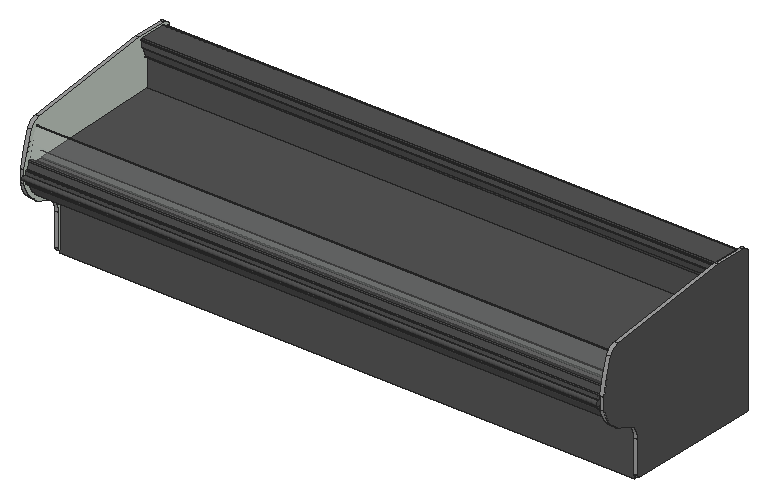
Revit family "E1_2014", category Specialty Equipment, Revit 2014
Parameters (values of type "12'-0" Length")
  Width = 144 1/2"
  Waste Drain Location = if(Width = 48 1/4", 24 1/8", if(Width = 72 3/8", 48 1/4", if(Width = 96 3/8", 72 1/4", if(Width = 144 1/2", 72 1/4", 0"))))  # 72 1/4"
  Waste Drain = 1 1/2"  # constant formula
  URL = "www.hussmann.com"
  Type Comments = "Elite"  # constant formula
  Trim = Stainless Steel
  Total Weight = Case Weight + (2 * End Weight)  # 1150.00 lbf
  Splashguard = Textured Sheet Metal (Steel Painted) - 701 Black
  Side Panel - Right [instance] = yes
  Side Panel - Left [instance] = yes
  Shelves = Sheet Metal (Steel Painted) - 701 Black
  Revit Family Date = "05/26/2016"  # constant formula
  Refrigeration Lines Suction = 7/8"  # constant formula
  Refrigeration Lines Liquid = 3/8"  # constant formula
  Refrig. Suction = "Suction"
  Refrig. Liquid = "Liquid"
  Number of Supports = if(Width < 50", 2, if(Width < 100", 3, 4))  # 4
  Note from Manufacturer = "This model only comes in 4'-0\", 6'-0\", 8'-0\", and 12'-0\" lengths."
  Model URL = "http://www.hussmann.com/en/product%20viewer/display-cases/E1,%20E1S"
  Model = "E1"  # constant formula
  Manufacturer Disclaimer = "The information in this file is not intended to be an exact representation of the corresponding Hussmann product.  Further, we reserve the right to change or revise specifications and product design in connection with any feature of our products. Such changes do not entitle the buyer to corresponding changes, improvements, additions, or replacements for equipment previously sold or shipped."  # constant formula
  Manufacturer = "Hussmann Corporation"  # constant formula
  Light [instance] = yes
  Height = 37 3/8"  # constant formula
  Glazing = Glass
  Ends = Textured Sheet Metal (Steel Painted) - 701 Black
  End Weight = 75.00 lbf  # constant formula
  Description = "Self-Serve, Single Deck with Curved Front Glass for Deli, Cheese, Salads"  # constant formula
  Depth = 46 1/8"  # constant formula
  Cutsheet URL = "http://www.hussmann.com/en/Technical%20Documents/0453530_E_E1.pdf"
  Case Weight = if(Width = 48 1/4", 400.00 lbf, if(Width = 72 3/8", 600.00 lbf, if(Width = 96 3/8", 800.00 lbf, if(Width = 144 1/2", 1000.00 lbf, 0.00 lbf))))  # 1000.00 lbf
  Case Interior - Side Panel = Mirror
  Case Interior - Back Panel = Sheet Metal (Steel Painted) - 701 Black
  Case = Textured Sheet Metal (Steel Painted) - 701 Black
  Bumper = Extruded PVC - 701 Black
  Assembly Code = ""
  Accessories/Options = ""
Types (4): name | Width | Waste Drain Location | Total Weight | Number of Supports | Case Weight
  12'-0" Length | 144 1/2" | 72 1/4" | 1150.00 lbf | 4 | 1000.00 lbf
  8'-0" Length | 96 3/8" | 72 1/4" | 950.00 lbf | 3 | 800.00 lbf
  6'-0" Length | 72 3/8" | 48 1/4" | 750.00 lbf | 3 | 600.00 lbf
  4'-0" Length | 48 1/4" | 24 1/8" | 550.00 lbf | 2 | 400.00 lbf
Reference planes (in)
  plane 1 "Back": y = 0
  plane 2 "Bottom": z = 0
  plane 3 "Top": z = 37.375
  plane 4 "Left": x = -77.30699
  plane 5 "Front": y = -46.125
  plane 6 "Center (Left/Right)": x = -5.05699
  plane 7: x = -78.30699
  plane 8 "Right": x = 67.19301
  plane 9: x = 68.19301
Forms (in)
  Extrusion 1, solid, material "Metal - Copper"
    sketch origin (63.0625, 1.04319, 0) x (1, 0, 0) y (0, 1, 0)
      loop
        arc (-68.11949, -27.41819) -> (-68.64982, -27.63786) -> (-68.86949, -28.16819) r 0.75
        arc (-68.86949, -28.16819) -> (-68.64982, -28.69852) -> (-68.11949, -28.91819) r 0.75
        arc (-68.11949, -28.91819) -> (-67.58916, -28.69852) -> (-67.36949, -28.16819) r 0.75
        arc (-67.36949, -28.16819) -> (-67.58916, -27.63786) -> (-68.11949, -27.41819) r 0.75
      loop
        circle (-68.11949, -28.16819) r 0.7102
    from 15.5525 to 0
  Extrusion 2, solid, material "Metal - Copper"
    sketch origin (57.40105, 5, -0.375) x (1, 0, 0) y (0, 1, 0)
      loop
        circle (0.97946, -35.25) r 0.41359
      loop
        circle (0.97946, -35.25) r 0.4375
    from 15.9275 to 0.375
  Extrusion 3, solid, material "Metal - Copper"
    sketch origin (59.82608, 5, -0.375) x (1, 0, 0) y (0, 1, 0)
      loop
        circle (-0.82057, -35.25) r 0.17188
      loop
        circle (-0.82057, -35.25) r 0.1875
    from 15.9275 to 0.375
  Extrusion 4, solid, material "Extruded PVC - 701 Black" <- "Bumper"
    sketch origin (-5.05699, 0, 0) x (0, 1, 0) y (0, 0, 1)
      loop
        arc (-45.445, 22.49036) -> (-46, 21.93536) -> (-45.445, 21.38036) r 0.555
        line (-45.445, 21.38036) -> (-45.114, 21.38036) -> (-45.114, 22.49036) -> (-45.445, 22.49036)
    from 72.25 to -72.25
  Extrusion 5, solid, material "Textured Sheet Metal (Steel Painted) - 701 Black" <- "Case"
    sketch origin (-5.05699, 0, 0) x (0, 1, 0) y (0, 0, 1)
      loop
        arc (-44.1754, 20.43412) -> (-41.19087, 16.15185) -> (-36.23731, 14.5064) r 8.279
        line (-36.23731, 14.5064) -> (-35.92331, 14.5064) -> (-35.92331, 15.0455) -> (-33.4203, 15.0455) -> (-33.4203, 15.5525) -> (-6.022, 15.5525) -> (-6.022, 12.31836) -> (-3.09214, 12.31836) -> (-1.484, 13.9265) -> (-1.484, 35.805) -> (-1.018, 36.271) -> (-1.018, 36.68575)
        arc (-1.018, 36.68575) -> (-0.40692, 36.23214) -> (-0.13069, 35.523) r 1.375
        line (-0.13069, 35.523) -> (-0.5, 35.523) -> (-0.5, 35.398) -> (0, 35.398)
        arc (0, 35.398) -> (-0.43934, 36.45866) -> (-1.5, 36.898) r 1.5
        line (-1.5, 36.898) -> (-1.90281, 36.898) -> (-1.90281, 36.773) -> (-8.65281, 36.773) -> (-8.72233, 36.87229)
        arc (-8.72233, 36.87229) -> (-8.80629, 36.8871) -> (-8.8211, 36.80314) r 0.06028
        line (-8.8211, 36.80314) -> (-8.666, 36.58163) -> (-8.666, 35.338) -> (-8.39261, 35.338) -> (-8.1876, 34.77474) -> (-8.14894, 34.78881) -> (-7.39623, 32.72078) -> (-7.4349, 32.7067) -> (-7.31964, 32.39003)
        arc (-7.31964, 32.39003) -> (-7.29999, 32.36858) -> (-7.27093, 32.36732) r 0.038
        line (-7.27093, 32.36732) -> (-6.869, 32.51361) -> (-6.869, 21.4475) -> (-8.89025, 21.4475) -> (-8.98391, 24.12974) -> (-19.0218, 23.77923) -> (-19.02552, 23.88595) -> (-27.0014, 21.4475) -> (-38.27432, 21.4475) -> (-38.27432, 23.41652) -> (-40.30332, 23.41652) -> (-40.30332, 24.18252) -> (-41.50346, 24.18252) -> (-43.53883, 25.35765)
        arc (-43.53883, 25.35765) -> (-43.58628, 25.11331) -> (-43.63092, 24.86844) r 21.62056
        line (-43.63092, 24.86844) -> (-43.9473, 23.07412) -> (-44.41257, 23.15616) -> (-44.09618, 24.95048)
        arc (-44.09618, 24.95048) -> (-44.05999, 25.15032) -> (-44.02197, 25.34982) r 22.093
        line (-44.02197, 25.34982) -> (-44.07988, 25.36113)
        arc (-44.07988, 25.36113) -> (-44.118, 25.1611) -> (-44.15428, 24.96072) r 22.152
        line (-44.15428, 24.96072) -> (-44.42452, 23.42812) -> (-45.025, 23.42812)
        arc (-45.025, 23.42812) -> (-45.08793, 23.40205) -> (-45.114, 23.33912) r 0.089
        line (-45.114, 23.33912) -> (-45.114, 20.52312)
        arc (-45.114, 20.52312) -> (-45.08793, 20.46019) -> (-45.025, 20.43412) r 0.089
        line (-45.025, 20.43412) -> (-44.1754, 20.43412)
    from 72.25 to -72.25
  Extrusion 6, solid, material "Glass" <- "Glazing"
    sketch origin (-5.05699, 0, 0) x (0, 1, 0) y (0, 0, 1)
      loop
        arc (-41.21806, 31.65081) -> (-41.30921, 31.9722) -> (-41.6306, 31.88105) r 0.23622
        arc (-41.6306, 31.88105) -> (-43.15387, 28.5191) -> (-44.09618, 24.95048) r 22.093
        line (-44.09618, 24.95048) -> (-44.41257, 23.15616) -> (-43.9473, 23.07412) -> (-43.63092, 24.86844)
        arc (-43.63092, 24.86844) -> (-42.70875, 28.36075) -> (-41.21806, 31.65081) r 21.62056
      loop
        line (-40.30332, 23.41652) -> (-40.05332, 23.41652) -> (-40.05332, 25.91652) -> (-40.30332, 25.91652) -> (-40.30332, 23.41652)
    from 72.25 to -72.25
  Extrusion 7, solid, material "Sheet Metal (Steel Painted) - 701 Black" <- "Shelves"
    sketch origin (-5.05699, 0, 0) x (0, 1, 0) y (0, 0, 1)
      loop
        line (-6.90546, 25.39651) -> (-39.94989, 24.31879) -> (-39.92473, 23.5472) -> (-6.8803, 24.62492) -> (-6.90546, 25.39651)
    from 72.25 to -72.25
  Extrusion 8, solid, material "Textured Sheet Metal (Steel Painted) - 701 Black" <- "Splashguard"
    sketch origin (-5.05699, 0, 0) x (0, 1, 0) y (0, 0, 1)
      loop
        line (-34.125, 0) -> (-33.696, 0) -> (-33.696, 14.616) -> (-34.125, 14.616) -> (-34.125, 0)
      loop
        line (-5.006, 11.929) -> (-5.006, 0) -> (-4.577, 0) -> (-4.577, 11.929) -> (-5.006, 11.929)
    from 72.25 to -72.25
  Extrusion 9, solid, material "Sheet Metal (Steel Painted) - 701 Black" <- "Shelves"
    sketch origin (-5.05699, 0, 0) x (0, 1, 0) y (0, 0, 1)
      loop
        line (-1.96481, 37.273) -> (-8.65281, 37.273) -> (-8.65281, 36.773) -> (-1.90281, 36.773) -> (-1.90281, 37.211)
        arc (-1.90281, 37.211) -> (-1.92097, 37.25484) -> (-1.96481, 37.273) r 0.062
    from 72.25 to -72.25
  Extrusion 10, solid, material "Textured Sheet Metal (Steel Painted) - 701 Black" <- "Ends", visible <- "Side Panel - Left"
    sketch origin (-77.30699, 0, 0) x (0, 1, 0) y (0, 0, 1)
      loop
        line (-34.32691, 9.24603) -> (-34.32691, 1.09352)
        arc (-34.32691, 1.09352) -> (-34.18052, 0.7401) -> (-33.8271, 0.59371) r 0.49981
        line (-33.8271, 0.59371) -> (-0.25779, 0.59371)
        arc (-0.25779, 0.59371) -> (0.09563, 0.7401) -> (0.24202, 1.09352) r 0.49981
        line (0.24202, 1.09352) -> (0.24202, 1.4683) -> (0.24202, 36.02075)
        arc (0.24202, 36.02075) -> (-0.19715, 37.08101) -> (-1.25741, 37.52018) r 1.49943
        line (-1.25741, 37.52018) -> (-8.9141, 37.52018) -> (-40.44043, 33.59877)
        arc (-40.44043, 33.59877) -> (-41.8936, 33.00373) -> (-42.84684, 31.7559) r 2.99887
        arc (-42.84684, 31.7559) -> (-44.25973, 27.69331) -> (-45.2369, 23.50451) r 40.78458
        line (-45.2369, 23.50451) -> (-45.2369, 20.37969)
        arc (-45.2369, 20.37969) -> (-42.56396, 15.98502) -> (-37.97414, 13.66309) r 9.37146
        arc (-37.97414, 13.66309) -> (-35.35656, 12.11015) -> (-34.32691, 9.24603) r 4.4983
    from 0 to -1
  Extrusion 11, solid, material "Textured Sheet Metal (Steel Painted) - 701 Black" <- "Ends", visible <- "Side Panel - Right"
    sketch origin (67.19301, 0, 0) x (0, 0, 1) y (0, -1, 0)
      loop
        line (9.24603, 34.32691) -> (1.09352, 34.32691)
        arc (1.09352, 34.32691) -> (0.7401, 34.18052) -> (0.59371, 33.8271) r 0.49981
        line (0.59371, 33.8271) -> (0.59371, 0.25779)
        arc (0.59371, 0.25779) -> (0.7401, -0.09563) -> (1.09352, -0.24202) r 0.49981
        line (1.09352, -0.24202) -> (1.4683, -0.24202) -> (36.02075, -0.24202)
        arc (36.02075, -0.24202) -> (37.08101, 0.19715) -> (37.52018, 1.25741) r 1.49943
        line (37.52018, 1.25741) -> (37.52018, 8.9141) -> (33.59877, 40.44043)
        arc (33.59877, 40.44043) -> (33.00373, 41.8936) -> (31.7559, 42.84684) r 2.99887
        arc (31.7559, 42.84684) -> (27.69331, 44.25973) -> (23.50451, 45.2369) r 40.78458
        line (23.50451, 45.2369) -> (20.37969, 45.2369)
        arc (20.37969, 45.2369) -> (15.98502, 42.56396) -> (13.66309, 37.97414) r 9.37146
        arc (13.66309, 37.97414) -> (12.11015, 35.35656) -> (9.24603, 34.32691) r 4.4983
    from 1 to 0
Lines and regions (in)
  reference lines
    curve 1: line (-73.80699, -46.125, 0) -> (-73.80699, 0, 0)
    curve 2: line (-5.05699, -46.125, 0) -> (-5.05699, 0, 0)
    curve 3: line (63.69301, -46.125, 0) -> (63.69301, 0, 0)
    curve 4: line (58.81801, -46.125, 0) -> (58.81801, 0, 0)
    curve 5: line (-77.30699, -27.125, 0) -> (67.19301, -27.125, 0)
    curve 6: line (67.19301, -30.25, 0) -> (-77.30699, -30.25, 0)
Dimensions and locks (in)
  equal spacing: plane 4 "Left", plane 6 "Center (Left/Right)", plane 8 "Right"
  locked: plane 7 to plane 4 "Left" at 1
  "Width": plane 4 "Left" to plane 8 "Right"
  locked: plane 4 "Left" to curve 1 at 3.5
  locked: curve 3 to plane 8 "Right" at 3.5
  "Waste Drain Location": plane 4 "Left" to curve 2
  "Depth": plane 5 "Front" to plane 1 "Back"
  locked: curve 4 to plane 8 "Right" at 8.375
  "Height": plane 3 "Top" to level
  locked: plane 1 "Back" to curve 5 at 27.125
  locked: plane 1 "Back" to curve 6 at 30.25
  locked: plane 8 "Right" to plane 9 at 1
  locked: Extrusion 1 sketch curve to Extrusion 1 sketch curve at 0.0398
  locked: Extrusion 3 sketch curve to Extrusion 3 sketch curve at 0.01562
  locked: Extrusion 2 sketch curve to Extrusion 2 sketch curve at 0.02391
  locked: nested 1 to plane 1 "Back" at 6.022
  equal spacing: group 1, group 3, group 4, group 2  (x3)
  "Waste Drain": diameter of Extrusion 1 sketch curve
  "Refrigeration Lines Liquid": diameter of Extrusion 3 sketch curve
  "Refrigeration Lines Suction": diameter of Extrusion 2 sketch curve
  aligned and locked: plane 5 "Front" to curve 2
  aligned and locked: plane 5 "Front" to curve 3
  aligned and locked: plane 5 "Front" to curve 1
  aligned and locked: plane 4 "Left" to curve 5
  aligned and locked: plane 4 "Left" to curve 6
  aligned and locked: plane 8 "Right" to curve 6
  aligned and locked: plane 8 "Right" to curve 5
  aligned and locked: Extrusion 2 to level
  aligned and locked: Extrusion 3 to level
  aligned and locked: curve 6 to Extrusion 3 sketch curve  (x4)
  aligned and locked: curve 6 to Extrusion 2 sketch curve  (x4)
  aligned and locked: curve 5 to Extrusion 1 sketch curve  (x3)
  aligned and locked: curve 2 to Extrusion 1 sketch curve
  aligned and locked: curve 4 to Extrusion 3 sketch curve
  aligned and locked: curve 4 to Extrusion 2 sketch curve
  aligned and locked: Extrusion 4 to plane 4 "Left"
  aligned and locked: plane 8 "Right" to Extrusion 4
  aligned and locked: Extrusion 5 to plane 4 "Left"
  aligned and locked: plane 8 "Right" to Extrusion 5
  aligned and locked: Extrusion 6 to plane 4 "Left"
  aligned and locked: plane 8 "Right" to Extrusion 6
  aligned and locked: Extrusion 7 to plane 4 "Left"
  aligned and locked: plane 8 "Right" to Extrusion 7
  aligned and locked: Extrusion 8 to plane 4 "Left"
  aligned and locked: plane 8 "Right" to Extrusion 8
  aligned and locked: Extrusion 9 to plane 4 "Left"
  aligned and locked: plane 8 "Right" to Extrusion 9
  aligned and locked: curve 1 to nested 1
  aligned and locked: curve 3 to nested 2
  aligned and locked: nested 1 to nested 2
  aligned and locked: plane 4 "Left" to Extrusion 10
  aligned and locked: plane 9 to Extrusion 11
  aligned and locked: Extrusion 11 to plane 8 "Right"
  aligned and locked: plane 4 "Left" to nested 3
Automatic sketch dimensions
  plane 5 "Front" to Extrusion 4 sketch curve = 0.68"
  plane 3 "Top" to Extrusion 4 sketch curve = 15.99464"
  Extrusion 4 sketch curve to Extrusion 4 sketch curve = 0.555"
  Extrusion 4 sketch curve to Extrusion 4 sketch curve = 0.331"
  Extrusion 5 sketch curve to Extrusion 5 sketch curve = 0"  (x6)
  Extrusion 5 sketch curve to plane 1 "Back" = 0"
  plane 1 "Back" to Extrusion 5 sketch curve = 0.13069"
  Extrusion 5 sketch curve to Extrusion 5 sketch curve = 0.36931"
  plane 1 "Back" to Extrusion 5 sketch curve = 1.018"
  Extrusion 5 sketch curve to Extrusion 5 sketch curve = 0.466"
  Extrusion 5 sketch curve to Extrusion 5 sketch curve = 0.482"
  Extrusion 5 sketch curve to Extrusion 5 sketch curve = 0.40281"
  Extrusion 5 sketch curve to Extrusion 5 sketch curve = 1.60814"  (x2)
  Extrusion 5 sketch curve to Extrusion 5 sketch curve = 2.92986"
  Extrusion 5 sketch curve to Extrusion 5 sketch curve = 0.847"
  Extrusion 5 sketch curve to Extrusion 5 sketch curve = 0.40193"
  Extrusion 5 sketch curve to Extrusion 5 sketch curve = 0.013"  (x2)
  Extrusion 5 sketch curve to Extrusion 5 sketch curve = 0.03571"
  Extrusion 5 sketch curve to Extrusion 5 sketch curve = 0.86501"
  Extrusion 5 sketch curve to Extrusion 5 sketch curve = 0.03867"  (x2)
  plane 3 "Top" to Extrusion 5 sketch curve = 0.602"
  Extrusion 5 sketch curve to Extrusion 5 sketch curve = 0.50387"
  Extrusion 5 sketch curve to Extrusion 5 sketch curve = 0.01319"
  plane 3 "Top" to Extrusion 5 sketch curve = 0.50271"
  Extrusion 5 sketch curve to Extrusion 5 sketch curve = 0.06953"
  Extrusion 5 sketch curve to Extrusion 5 sketch curve = 0.04938"  (x2)
  plane 3 "Top" to Extrusion 5 sketch curve = 0.57186"
  Extrusion 5 sketch curve to Extrusion 5 sketch curve = 2.50301"
  Extrusion 5 sketch curve to Extrusion 5 sketch curve = 2.81701"
  Extrusion 5 sketch curve to Extrusion 5 sketch curve = 2.03701"
  Extrusion 5 sketch curve to Extrusion 5 sketch curve = 2.029"
  Extrusion 5 sketch curve to Extrusion 5 sketch curve = 1.20014"
  Extrusion 5 sketch curve to Extrusion 5 sketch curve = 2.03538"
  Extrusion 5 sketch curve to Extrusion 5 sketch curve = 0.09208"
  Extrusion 5 sketch curve to Extrusion 5 sketch curve = 81/256"
  Extrusion 5 sketch curve to Extrusion 5 sketch curve = 0.48314"
  Extrusion 5 sketch curve to Extrusion 5 sketch curve = 0.05791"
  Extrusion 5 sketch curve to Extrusion 5 sketch curve = 19/256"
  Extrusion 5 sketch curve to Extrusion 5 sketch curve = 0.0581"
  plane 5 "Front" to Extrusion 5 sketch curve = 1.9496"
  Extrusion 5 sketch curve to Extrusion 5 sketch curve = 0.46526"
  Extrusion 5 sketch curve to Extrusion 5 sketch curve = 0.01196"
  Extrusion 5 sketch curve to Extrusion 5 sketch curve = 0.8496"
  Extrusion 5 sketch curve to Extrusion 5 sketch curve = 0.60048"
  Extrusion 5 sketch curve to Extrusion 5 sketch curve = 0.089"
  Extrusion 5 sketch curve to Extrusion 5 sketch curve = 2.38579"
  plane 3 "Top" to Extrusion 5 sketch curve = 12.01387"
  Extrusion 5 sketch curve to Extrusion 5 sketch curve = 0.00348"
  Extrusion 5 sketch curve to Extrusion 5 sketch curve = 0.01131"
  Extrusion 5 sketch curve to Extrusion 5 sketch curve = 0.40041"
  Extrusion 5 sketch curve to Extrusion 5 sketch curve = 0.68591"
  Extrusion 5 sketch curve to Extrusion 5 sketch curve = 0.27196"
  Extrusion 5 sketch curve to Extrusion 5 sketch curve = 0.766"
  Extrusion 5 sketch curve to Extrusion 5 sketch curve = 0.63112"
  Extrusion 5 sketch curve to Extrusion 5 sketch curve = 1.96902"
  Extrusion 5 sketch curve to Extrusion 5 sketch curve = 2.63304"
  Extrusion 5 sketch curve to Extrusion 5 sketch curve = 5.895"
  Extrusion 5 sketch curve to Extrusion 5 sketch curve = 0.507"
  Extrusion 5 sketch curve to Extrusion 5 sketch curve = 1.626"
  Extrusion 5 sketch curve to Extrusion 5 sketch curve = 0.56326"
  Extrusion 5 sketch curve to Extrusion 5 sketch curve = 1/8"
  Extrusion 5 sketch curve to Extrusion 5 sketch curve = 0.407"
  Extrusion 5 sketch curve to Extrusion 5 sketch curve = 0.41475"
  Extrusion 5 sketch curve to Extrusion 5 sketch curve = 0.19137"
  plane 3 "Top" to Extrusion 5 sketch curve = 4.65422"
  plane 3 "Top" to Extrusion 5 sketch curve = 2.037"
  Extrusion 5 sketch curve to Extrusion 5 sketch curve = 0.14629"
  plane 3 "Top" to Extrusion 5 sketch curve = 0.477"
  Extrusion 5 sketch curve to Extrusion 5 sketch curve = 0.5391"
  Extrusion 6 sketch curve to Extrusion 6 sketch curve = 0"  (x3)
  plane 5 "Front" to Extrusion 6 sketch curve = 1.71243"
  Extrusion 6 sketch curve to Extrusion 6 sketch curve = 81/256"
  Extrusion 6 sketch curve to Extrusion 6 sketch curve = 0.46526"  (x2)
  plane 5 "Front" to Extrusion 6 sketch curve = 4.70067"
  Extrusion 6 sketch curve to Extrusion 6 sketch curve = 3.3276"
  Extrusion 6 sketch curve to Extrusion 6 sketch curve = 1/4"
  Extrusion 6 sketch curve to Extrusion 6 sketch curve = 17.71449"
  plane 3 "Top" to Extrusion 6 sketch curve = 16.26093"
  plane 3 "Top" to Extrusion 6 sketch curve = 14.30088"
  Extrusion 6 sketch curve to Extrusion 6 sketch curve = 21/256"
  Extrusion 6 sketch curve to Extrusion 6 sketch curve = 1.04809"
  plane 3 "Top" to Extrusion 6 sketch curve = 5.60907"
  Extrusion 6 sketch curve to Extrusion 6 sketch curve = 2 1/2"
  plane 5 "Front" to Extrusion 7 sketch curve = 6.17511"
  Extrusion 7 sketch curve to Extrusion 7 sketch curve = 0.02516"
  plane 1 "Back" to Extrusion 7 sketch curve = 6.90546"
  level to Extrusion 7 sketch curve = 23.5472"
  Extrusion 7 sketch curve to Extrusion 7 sketch curve = 0.77159"
  Extrusion 8 sketch curve to level = 0"  (x2)
  plane 5 "Front" to Extrusion 8 sketch curve = 12"
  Extrusion 8 sketch curve to Extrusion 8 sketch curve = 0.429"  (x2)
  plane 1 "Back" to Extrusion 8 sketch curve = 5.006"
  level to Extrusion 8 sketch curve = 11.929"
  level to Extrusion 8 sketch curve = 14.616"
  plane 3 "Top" to Extrusion 9 sketch curve = 0.102"
  plane 1 "Back" to Extrusion 9 sketch curve = 8.65281"
  plane 1 "Back" to Extrusion 9 sketch curve = 1.96481"
  Extrusion 9 sketch curve to Extrusion 9 sketch curve = 1/2"
  Extrusion 9 sketch curve to Extrusion 9 sketch curve = 0.062"
  plane 5 "Front" to Extrusion 10 sketch curve = 11.79809"
  Extrusion 10 sketch curve to plane 3 "Top" = 0.14518"
  plane 1 "Back" to Extrusion 10 sketch curve = 8.9141"
  plane 1 "Back" to Extrusion 10 sketch curve = 1.25741"
  Extrusion 10 sketch curve to Extrusion 10 sketch curve = 0.37478"
  Extrusion 10 sketch curve to Extrusion 10 sketch curve = 3.12482"
  Extrusion 10 sketch curve to Extrusion 10 sketch curve = 8.15251"
  Extrusion 10 sketch curve to Extrusion 10 sketch curve = 3.86918"
  Extrusion 10 sketch curve to Extrusion 10 sketch curve = 10.24314"
  Extrusion 10 sketch curve to Extrusion 10 sketch curve = 7.75754"
  Extrusion 10 sketch curve to Extrusion 10 sketch curve = 3.64723"
  plane 5 "Front" to Extrusion 10 sketch curve = 6.05473"
  plane 3 "Top" to Extrusion 10 sketch curve = 3.77623"
  Extrusion 10 sketch curve to Extrusion 10 sketch curve = 0.37016"
  plane 5 "Front" to Extrusion 10 sketch curve = 0.8881"
  Extrusion 10 sketch curve to Extrusion 10 sketch curve = 13.21907"
  Extrusion 10 sketch curve to Extrusion 10 sketch curve = 2.77657"
  plane 1 "Back" to Extrusion 10 sketch curve = 5.08542"
  plane 1 "Back" to Extrusion 10 sketch curve = 0.25779"
  Extrusion 10 sketch curve to plane 1 "Back" = 0.24202"
  Extrusion 10 sketch curve to Extrusion 10 sketch curve = 4.4983"
  level to Extrusion 10 sketch curve = 0.59371"
  level to Extrusion 11 sketch curve = 0.59371"
  Extrusion 11 sketch curve to plane 1 "Back" = 0.24202"
  Extrusion 11 sketch curve to Extrusion 11 sketch curve = 0.49981"  (x2)
  Extrusion 11 sketch curve to Extrusion 11 sketch curve = 0.37478"
  Extrusion 11 sketch curve to Extrusion 11 sketch curve = 8.15251"
  plane 1 "Back" to Extrusion 11 sketch curve = 5.08542"
  Extrusion 11 sketch curve to Extrusion 11 sketch curve = 14.87794"
  plane 5 "Front" to Extrusion 11 sketch curve = 0.8881"
  Extrusion 11 sketch curve to Extrusion 11 sketch curve = 11.13366"
  Extrusion 11 sketch curve to Extrusion 11 sketch curve = 2.48559"
  Extrusion 11 sketch curve to Extrusion 11 sketch curve = 3.12482"
  plane 3 "Top" to Extrusion 11 sketch curve = 6.75217"
  Extrusion 11 sketch curve to Extrusion 11 sketch curve = 2.97593"
  plane 3 "Top" to Extrusion 11 sketch curve = 1.35425"
  Extrusion 11 sketch curve to plane 3 "Top" = 0.14518"
  Extrusion 11 sketch curve to Extrusion 11 sketch curve = 7.65669"
  plane 5 "Front" to Extrusion 11 sketch curve = 12.2979"
  Extrusion 11 sketch curve to Extrusion 11 sketch curve = 9.03582"
  Extrusion 11 sketch curve to Extrusion 11 sketch curve = 4.4983"
  plane 5 "Front" to Extrusion 11 sketch curve = 6.05473"
  Extrusion 11 sketch curve to Extrusion 11 sketch curve = 0.37016"
  Extrusion 5 sketch curve to Extrusion 5 sketch curve = 4.66258"
  Extrusion 5 sketch curve to Extrusion 5 sketch curve = 3.3133"
  Extrusion 5 sketch curve to Extrusion 5 sketch curve = 2.77188"
  Extrusion 5 sketch curve to Extrusion 5 sketch curve = 2.11491"
  Extrusion 5 sketch curve to Extrusion 5 sketch curve = 2.02125"
  Extrusion 5 sketch curve to Extrusion 5 sketch curve = 2.68224"
  plane 5 "Front" to Extrusion 5 sketch curve = 1.1"
  Extrusion 5 sketch curve to Extrusion 5 sketch curve = 0.00373"
  Extrusion 1 sketch curve to Extrusion 1 sketch curve = 0"  (x2)
  Extrusion 2 sketch curve to Extrusion 2 sketch curve = 0"
  Extrusion 3 sketch curve to Extrusion 3 sketch curve = 0"
  curve 4 to plane 5 "Front" = 0"
  plane 1 "Back" to curve 4 = 0"
  plane 1 "Back" to curve 1 = 0"
  plane 1 "Back" to curve 3 = 0"
  plane 1 "Back" to curve 2 = 0"
Nested families (in)
  nested 1: "Floor Support - E Series" at (-73.1875, -3.029, 0), type "Floor Support - E Series"
  nested 2: "Floor Support - E Series" at (64.3125, -3.029, 0), type "Floor Support - E Series"
  nested 3: "Light" at (-5.30699, -26.06379, -37.4545), visible <- "Light", type "Light"
  nested 4: "Floor Support - E Series" at (-27.35417, -3.029, 0), type "Floor Support - E Series"
  nested 5: "Floor Support - E Series" at (18.47917, -3.029, 0), type "Floor Support - E Series"
Connectors (in)
  piping at (-5.05699, -27.125, 0), diameter 1.5, driven by "Waste Drain"
    settings: on Extrusion 1, index 8, connector inside diameter 1 1/4", connector length 0", flow factor 0, pipe flow 0 GPM, pressure drop 0.00 psi, fitting loss kfactor 0, connector angle 0.00°, fixture units 0, engagement length 0", angle of deflection 0.00°, flow configuration 0, flow direction 0, fitting loss method 0, system type 16, joint type 0, gender type 0, connector reference index -1, connector utility 0, adjustable connector no, is connector primary yes, connector description "1 1/4\""
  piping at (58.38051, -30.25, 0), diameter 0.875, driven by "Refrig. Suction", driven by "Refrigeration Lines Suction"
    settings: on Extrusion 2, index 9, connector inside diameter 7/8", connector length 0", flow factor 0, pipe flow 0 GPM, pressure drop 0.00 psi, fitting loss kfactor 0, connector angle 0.00°, fixture units 0, engagement length 0", angle of deflection 0.00°, flow configuration 0, flow direction 2, fitting loss method 0, system type 22, joint type 0, gender type 0, connector reference index -1, connector utility 0, adjustable connector no, is connector primary no, connector description "Suction"
  piping at (59.00551, -30.25, 0), diameter 0.375, driven by "Refrig. Liquid", driven by "Refrigeration Lines Liquid"
    settings: on Extrusion 3, index 10, connector inside diameter 3/8", connector length 0", flow factor 0, pipe flow 0 GPM, pressure drop 0.00 psi, fitting loss kfactor 0, connector angle 0.00°, fixture units 0, engagement length 0", angle of deflection 0.00°, flow configuration 0, flow direction 1, fitting loss method 0, system type 22, joint type 0, gender type 0, connector reference index -1, connector utility 0, adjustable connector no, is connector primary no, connector description "Liquid"
Definition of nested family "Floor Support - E Series"
  Parameters (values of type "Floor Support - E Series")
    Width = 4"
    URL = "www.hussmann.com"
    Type Comments = ""
    Revit Family Date = "5/12/2016"
    Model = ""
    Manufacturer = "Hussmann Corporation"
    Height = 15.5525"
    Floor Support = none
    Description = ""
    Depth = 26.632"
    Assembly Code = ""
    Accessories/Options = ""
  Reference planes (in)
    plane 1 "Back": y = -2.993
    plane 2 "Bottom": z = 0
    plane 3 "Top": z = 15.5525
    plane 4 "Front": y = -29.625
    plane 5 "Center (Left/Right)": x = -0.61949
    plane 6 "Left": x = -2.61949
    plane 7 "Right": x = 1.38051
  Forms (in)
    Extrusion 1, solid, material <- "Floor Support"
      sketch origin (0, 0, 0) x (1, 0, 0) y (0, 1, 0)
        loop
          line (-2.61949, -6.243) -> (-2.61949, -6.368) -> (-1.74449, -6.368) -> (-1.74449, -3.118) -> (0.50551, -3.118) -> (0.50551, -6.368) -> (1.38051, -6.368) -> (1.38051, -6.243) -> (0.63051, -6.243) -> (0.63051, -2.993) -> (-1.86949, -2.993) -> (-1.86949, -6.243) -> (-2.61949, -6.243)
        loop
          line (-2.61949, -26.375) -> (-1.86949, -26.375) -> (-1.86949, -29.625) -> (0.63051, -29.625) -> (0.63051, -26.375) -> (1.38051, -26.375) -> (1.38051, -26.25) -> (0.50551, -26.25) -> (0.50551, -29.5) -> (-1.74449, -29.5) -> (-1.74449, -26.25) -> (-2.61949, -26.25) -> (-2.61949, -26.375)
      from 0.6875 to 15.5525
    Extrusion 2, solid, material <- "Floor Support"
      sketch origin (0, 0, 0) x (1, 0, 0) y (0, 1, 0)
        loop
          circle (-0.61949, -3.519) r 0.3125
        loop
          circle (-0.61949, -28.842) r 0.3125
      from 0 to 0.5625
    Extrusion 3, solid, material <- "Floor Support"
      sketch origin (0, 0, 0) x (1, 0, 0) y (0, 1, 0)
        loop
          circle (-0.61949, -28.842) r 0.5
        loop
          circle (-0.61949, -3.519) r 0.5
      from 0.5625 to 0.6875
    Extrusion 4, solid, material <- "Floor Support"
      sketch origin (0, 0, 0) x (1, 0, 0) y (0, 1, 0)
        loop
          line (-1.74449, -3.118) -> (-1.74449, -29.5) -> (0.50551, -29.5) -> (0.50551, -3.118) -> (-1.74449, -3.118)
      from 12.3585 to 15.5525
  Dimensions and locks (in)
    "Depth": plane 4 "Front" to plane 1 "Back"
    "Height": plane 3 "Top" to level
    equal spacing: plane 6 "Left", plane 5 "Center (Left/Right)", plane 7 "Right"
    "Width": plane 6 "Left" to plane 7 "Right"
  Automatic sketch dimensions
    plane 1 "Back" to Extrusion 1 sketch curve = 0"
    Extrusion 1 sketch curve to Extrusion 1 sketch curve = 1/8"  (x9)
    plane 1 "Back" to Extrusion 1 sketch curve = 1/8"
    Extrusion 1 sketch curve to Extrusion 1 sketch curve = 0"  (x2)
    Extrusion 1 sketch curve to plane 6 "Left" = 0"  (x2)
    plane 6 "Left" to Extrusion 1 sketch curve = 3/4"  (x2)
    Extrusion 1 sketch curve to plane 7 "Right" = 0"  (x2)
    Extrusion 1 sketch curve to plane 7 "Right" = 7/8"
    Extrusion 1 sketch curve to Extrusion 1 sketch curve = 7/8"
    Extrusion 3 sketch curve to plane 5 "Center (Left/Right)" = 0"  (x2)
    plane 4 "Front" to Extrusion 4 sketch curve = 1/8"
    plane 6 "Left" to Extrusion 4 sketch curve = 7/8"
    Extrusion 4 sketch curve to plane 7 "Right" = 7/8"
    plane 1 "Back" to Extrusion 4 sketch curve = 1/8"
    Extrusion 1 sketch curve to plane 4 "Front" = 0"
    Extrusion 1 sketch curve to Extrusion 1 sketch curve = 3 1/8"
    plane 4 "Front" to Extrusion 3 sketch curve = 0.783"
    Extrusion 1 sketch curve to Extrusion 1 sketch curve = 3 1/4"
    plane 1 "Back" to Extrusion 3 sketch curve = 0.526"
    radius of Extrusion 3 sketch curve = 1/2"  (x2)
Definition of nested family "Light"
  Parameters (values of type "Light")
    Wattage = 16.1571 W
    built-in parameter 1150110 = 1 (stored number, unit not read)
    built-in parameter 1114217 = 1 (stored number, unit not read)
    built-in parameter 1150109 = 1 (stored number, unit not read)
    built-in parameter 1150134 = (empty or 0)
    built-in parameter 1150113 = 1 (stored number, unit not read)
    Lumens = 2400 lm
    built-in parameter 1150115 = 1 (stored number, unit not read)
    built-in parameter 1150105 = 763.94 (stored number, unit not read)
    Light Source Symbol Size = 24"
    built-in parameter 1150137 = (empty or 0)
    built-in parameter 1150139 = (empty or 0)
    Lense = none
    Length = 144"
    built-in parameter 1150112 = 1 (stored number, unit not read)
    built-in parameter 1150114 = 1 (stored number, unit not read)
    built-in parameter 1150132 = 2
    built-in parameter 1150102 = (empty or 0)
    built-in parameter 1150138 = (empty or 0)
    built-in parameter 1150107 = 6100 (stored number, unit not read)
    built-in parameter 1150106 = 7.6394 (stored number, unit not read)
    Emit from Line Length = Length  # 144"
    built-in parameter 1150104 = 13.8 (stored number, unit not read)
    Dimming Lamp Color Temperature Shift = (empty or 0)
    Color Filter = 16777215
    Casing = none
    built-in parameter 1114218 = 1 (stored number, unit not read)
    built-in parameter 1150133 = 10 (stored number, unit not read)
  Reference planes (in)
    plane 1 "Light Source Axis (F/B)": y = -8.60801
    plane 2: z = 0
    plane 3 "Light Source Axis (L/R)": x = 0
    plane 4 "Light Source Elevation": z = 52.5
    plane 5: z = 0
    plane 6 "Left": x = -72
    plane 7 "Right": x = 72
  Lines and regions (in)
    model lines
      curve 1: line (-72, -8.60801, 52.5) -> (72, -8.60801, 52.5)
  Dimensions and locks (in)
    equal spacing: plane 7 "Right", plane 3 "Light Source Axis (L/R)", plane 6 "Left"
    "Length": plane 7 "Right" to plane 6 "Left"
    aligned and locked: plane 3 "Light Source Axis (L/R)" to imposter light
    aligned and locked: plane 1 "Light Source Axis (F/B)" to imposter light
    aligned and locked: plane 4 "Light Source Elevation" to imposter light
    aligned and locked: level to plane 5
  Automatic sketch dimensions
    plane 1 "Light Source Axis (F/B)" to curve 1 = 0"
    curve 1 to plane 6 "Left" = 0"
    curve 1 to plane 7 "Right" = 0"
